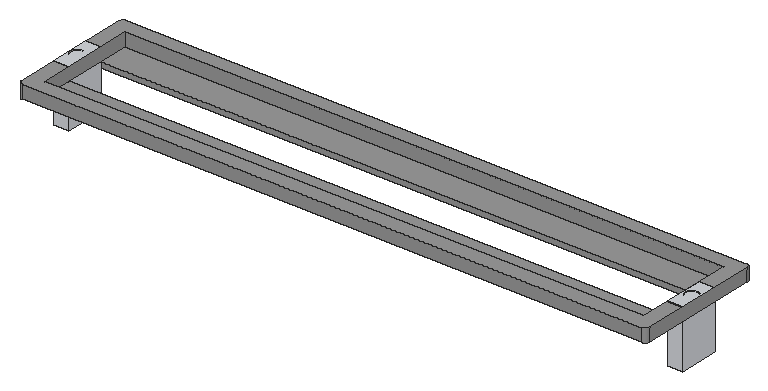
Revit family "Building-SurfaceMountingEnclosures-GEWISS-46-PANELS_DIN", category Attrezzatura elettrica, Revit 2016
Family settings
  Configurazione quadro = Due colonne, circuiti in orizzontale
  Tipo di parte = Pannello comandi
  Quota connettore circolare = Usa diametro
  Numero OmniClass = 23.80.30.11.17
  Titolo OmniClass = Distribution Boards and Control Panels
  Basato su piano di lavoro = Sì
  Sempre verticale = No
  Taglio con vuoti quando caricato = No
  Condiviso = No
  Punto di calcolo locali = Sì
Parameters (values of type "GW46424F - PANEL WITH WINDOW H1 800MM 36M. F&E")
  Version file RFA = "18.0"
  URL = "https://www.gewiss.com/ww/en"
  Technical sheet = "https://www.gewiss.com/ww/en/search?q=GW46424F"
  Suitable for: = "46QP - 46QM - 46QX"
  SEO = "Panel"
  Realized by GEWISS S.p.A. = ""
  Default Elevation = 1219.2 mm
  Produttore = "GEWISS S.p.A."
  Pannello = GEWISS - GRIGIO RAL 7035
  Offset pannello [instance] = 100 mm
  No. of modules EN 50022 = "36"
  Modello = "GW46424F"
  Mains Type = ""
  Lunghezza pannello = 718 mm
  Spessore pannello = 15 mm
  Immagine tipo = GW10015153.jpg
  IFC.TypeObject = ""
  IFC.ExportType = ""
  IFC.ExportAs = ""
  IDT = "7837bfb8-6862-4a92-a47d-c7728688062e"
  IDF = "4aed5af0-604d-48f1-997b-21596ea9c2d3"
  Height = "1 Module"
  H_pannello = 149 mm  # constant formula
  H_da terra [instance] = 125.723 mm
  GEWISS SCHEDA TECNICA = "http://pro.gewiss.com/irj/portal/?NavigationTarget=pcd:portal_content/com.gewiss.ZPPFDMain/com.gewiss.ZPPFDITMain/com.gewiss.ZPPFDITMainDefault/com.gewiss.ZPPFDITPages/com.gewiss.ZPPFDITPagesAP/com.gewiss.ZPPFDITPagesAPCatalogo/com.gewiss.ZPPPDITAPProductDetail&codProd=GW46424F"
  For standard boards (mm) = "800"
  Electrocod = "0303"
  EAN code = "8011564283855"
  Descrizione = "PANEL WITH WINDOW H1 800MM 36M. F&E"
  Colour = "Grey RAL 7035"
  Characteristics = "Halogen free"
  Catalogue Range = "46 QP"
  Catalogue = "BUILDING"
  COBie.Tagnumber = ""
  COBie.CreatedOn = ""
  COBie.CreatebBy = ""
  COBie.ComponentRegisterItemID = ""
  COBie.Component.TagNumber = ""
  COBie.Component.Space = ""
  COBie.Component.SerialNumber = ""
  COBie.Component.InstallationDate = ""
  COBie.Component.Description = ""
  COBie.Component.BarCode = ""
  Assembly = "Fast & Easy quick"
  Accessories supplied = "Fixing accessories"
Types (6, lengths in mm): name | URL | Technical sheet | Produttore | Offset pannello | No. of modules EN 50022 | Modello | Lunghezza pannello | IDT | GEWISS SCHEDA TECNICA | For standard boards (mm) | EAN code | Descrizione
  (no name) | "http://www.gewiss.com/prv/it_IT/index.html" | "" | "GEWISS" | 215.223 | "" | "GW46420F" | 265 | "" | "http://pro.gewiss.com/irj/portal/?NavigationTarget=pcd:portal_content/com.gewiss.ZPPFDMain/com.gewiss.ZPPFDITMain/com.gewiss.ZPPFDITMainDefault/com.gewiss.ZPPFDITPages/com.gewiss.ZPPFDITPagesAP/com.gewiss.ZPPFDITPagesAPCatalogo/com.gewiss.ZPPPDITAPProductDetail&codProd=GW46420F" | "" | "" | "PANNELLO FINESTRATO H1 310MM 12M. F&E"
  GW46420F - PANEL WITH WINDOW H1 310MM 12M. F&E | "https://www.gewiss.com/ww/en" | "https://www.gewiss.com/ww/en/search?q=GW46420F" | "GEWISS S.p.A." | 215.223 | "12" | "GW46420F" | 265 | "62f59683-fb0d-4f00-8bac-ee95c38b8ae3" | "http://pro.gewiss.com/irj/portal/?NavigationTarget=pcd:portal_content/com.gewiss.ZPPFDMain/com.gewiss.ZPPFDITMain/com.gewiss.ZPPFDITMainDefault/com.gewiss.ZPPFDITPages/com.gewiss.ZPPFDITPagesAP/com.gewiss.ZPPFDITPagesAPCatalogo/com.gewiss.ZPPPDITAPProductDetail&codProd=GW46420F" | "310" | "8011564283824" | "PANEL WITH WINDOW H1 310MM 12M. F&E"
  GW46421F - PANEL WITH WINDOW H1 405MM 18M. F&E | "https://www.gewiss.com/ww/en" | "https://www.gewiss.com/ww/en/search?q=GW46421F" | "GEWISS S.p.A." | 215.223 | "18" | "GW46421F" | 358 | "e5af63f2-2576-4d1e-9360-326377598dbc" | "http://pro.gewiss.com/irj/portal/?NavigationTarget=pcd:portal_content/com.gewiss.ZPPFDMain/com.gewiss.ZPPFDITMain/com.gewiss.ZPPFDITMainDefault/com.gewiss.ZPPFDITPages/com.gewiss.ZPPFDITPagesAP/com.gewiss.ZPPFDITPagesAPCatalogo/com.gewiss.ZPPPDITAPProductDetail&codProd=GW46421F" | "405" | "8011564283831" | "PANEL WITH WINDOW H1 405MM 18M. F&E"
  GW46422F - PANEL WITH WINDOW H1 515MM 24M. F&E | "https://www.gewiss.com/ww/en" | "https://www.gewiss.com/ww/en/search?q=GW46422F" | "GEWISS S.p.A." | 215.223 | "24" | "GW46422F" | 466 | "d38b007b-98fe-451b-92bc-a2e8ab38247a" | "http://pro.gewiss.com/irj/portal/?NavigationTarget=pcd:portal_content/com.gewiss.ZPPFDMain/com.gewiss.ZPPFDITMain/com.gewiss.ZPPFDITMainDefault/com.gewiss.ZPPFDITPages/com.gewiss.ZPPFDITPagesAP/com.gewiss.ZPPFDITPagesAPCatalogo/com.gewiss.ZPPPDITAPProductDetail&codProd=GW46422F" | "515" | "8011564289819" | "PANEL WITH WINDOW H1 515MM 24M. F&E"
  GW46423F - PANEL WITH WINDOW H1 585MM 28M. F&E | "https://www.gewiss.com/ww/en" | "https://www.gewiss.com/ww/en/search?q=GW46423F" | "GEWISS S.p.A." | 215.223 | "28" | "GW46423F" | 538 | "9d9039e6-7180-4eb3-9608-736a6dcb5317" | "http://pro.gewiss.com/irj/portal/?NavigationTarget=pcd:portal_content/com.gewiss.ZPPFDMain/com.gewiss.ZPPFDITMain/com.gewiss.ZPPFDITMainDefault/com.gewiss.ZPPFDITPages/com.gewiss.ZPPFDITPagesAP/com.gewiss.ZPPFDITPagesAPCatalogo/com.gewiss.ZPPPDITAPProductDetail&codProd=GW46423F" | "585" | "8011564283848" | "PANEL WITH WINDOW H1 585MM 28M. F&E"
  GW46424F - PANEL WITH WINDOW H1 800MM 36M. F&E | "https://www.gewiss.com/ww/en" | "https://www.gewiss.com/ww/en/search?q=GW46424F" | "GEWISS S.p.A." | 100 | "36" | "GW46424F" | 718 | "7837bfb8-6862-4a92-a47d-c7728688062e" | "http://pro.gewiss.com/irj/portal/?NavigationTarget=pcd:portal_content/com.gewiss.ZPPFDMain/com.gewiss.ZPPFDITMain/com.gewiss.ZPPFDITMainDefault/com.gewiss.ZPPFDITPages/com.gewiss.ZPPFDITPagesAP/com.gewiss.ZPPFDITPagesAPCatalogo/com.gewiss.ZPPPDITAPProductDetail&codProd=GW46424F" | "800" | "8011564283855" | "PANEL WITH WINDOW H1 800MM 36M. F&E"
Values of the unnamed type that differ from the named types
  Version file RFA = ""
  Suitable for: = ""
  SEO = ""
  IDF = ""
  Height = ""
  Electrocod = ""
  Colour = ""
  Characteristics = ""
  Catalogue Range = ""
  Catalogue = ""
  Assembly = ""
  Accessories supplied = ""
Reference planes
  plane 1 "Centro (Fronte/Retro)": z = 207.723
  plane 2: z = 0
  plane 3 "Centro (Sinistra/Destra)": x = 0
  plane 4: x = -359
  plane 5: x = 359
  plane 6: z = 85
  plane 7: z = 100
  plane 8: y = 82
  plane 9: y = -67
  plane 10: x = -341.956
  plane 11: y = -49.815
  plane 12: y = 64.815
  plane 13: x = 341.956
  plane 14: y = 7.5
  plane 15: z = 34
Forms (mm)
  Extrusion 1, solid, material "GEWISS - GRIGIO RAL 7035" <- "Pannello"
    sketch origin (0, 0, 207.723) x (1, 0, 0) y (0, 1, 0)
      loop
        arc (-354, 82) -> (-357.536, 80.536) -> (-359, 77) r 5
        line (-359, 77) -> (-359, -62)
        arc (-359, -62) -> (-357.536, -65.536) -> (-354, -67) r 5
        line (-354, -67) -> (354, -67)
        arc (354, -67) -> (357.536, -65.536) -> (359, -62) r 5
        line (359, -62) -> (359, 77)
        arc (359, 77) -> (357.536, 80.536) -> (354, 82) r 5
        line (354, 82) -> (-354, 82)
      loop
        line (-341.956, 64.815) -> (-341.956, -49.815) -> (341.956, -49.815) -> (341.956, 64.815) -> (-341.956, 64.815)
    from -122.723 to -107.723
  Extrusion 2, solid, material "GEWISS - GRIGIO RAL 7035" <- "Pannello"
    sketch origin (0, 0, 207.723) x (1, 0, 0) y (0, 1, 0)
      loop
        line (-341.956, 64.815) -> (-341.956, 30.5) -> (341.956, 30.5) -> (341.956, 64.815) -> (-341.956, 64.815)
      loop
        line (-341.956, -15.5) -> (-341.956, -49.815) -> (341.956, -49.815) -> (341.956, -15.5) -> (-341.956, -15.5)
    from -122.723 to -128.791
  Extrusion 3, void
    sketch origin (0, 0, 207.723) x (1, 0, 0) y (0, 1, 0)
      loop
        circle (-351.213, 7.5) r 7.115
      loop
        circle (351.213, 7.5) r 7.115
    from -122.723 to -107.723
  Extrusion 4, solid
    sketch origin (0, 0, 0) x (1, 0, 0) y (0, 1, 0)
      loop
        line (-341.956, 30.5) -> (-359, 30.5) -> (-359, -15.5) -> (-341.956, -15.5) -> (-341.956, 30.5)
      loop
        line (341.956, 30.5) -> (341.956, -15.5) -> (359, -15.5) -> (359, 30.5) -> (341.956, 30.5)
    from 34 to 100
Cuts and joins
  Extrusion 3 cuts Extrusion 1
Dimensions and locks
  equal spacing: plane 4, plane 3 "Centro (Sinistra/Destra)", plane 5
  "Lunghezza pannello": plane 4 to plane 5
  locked: plane 10 to plane 4 at 17.044
  locked: plane 5 to plane 13 at 17.044
  locked: plane 10 to Extrusion 3 sketch curve at 9.256
  locked: Extrusion 3 sketch curve to plane 13 at 9.256
  "Offset pannello": plane 2 to plane 7
  locked: plane 6 to plane 7 at 15
  locked: Extrusion 2 to cut or joined group of Extrusion 1, Extrusion 3 at 21.068
  locked: plane 15 to plane 7 at 66
  aligned and locked: level to plane 2
  aligned and locked: plane 4 to Extrusion 1 sketch curve
  aligned and locked: Extrusion 1 sketch curve to plane 5
  aligned and locked: Extrusion 1 sketch curve to plane 8
  aligned and locked: plane 9 to Extrusion 1 sketch curve
  aligned and locked: Extrusion 1 sketch curve to plane 11
  aligned and locked: Extrusion 1 sketch curve to plane 13
  aligned and locked: Extrusion 1 sketch curve to plane 12
  aligned and locked: plane 10 to Extrusion 1 sketch curve
  aligned and locked: Extrusion 1 to plane 6
  aligned and locked: plane 7 to Extrusion 1
  aligned and locked: Extrusion 2 sketch curve to plane 12
  aligned and locked: plane 10 to Extrusion 2 sketch curve  (x2)
  aligned and locked: Extrusion 2 sketch curve to plane 13  (x2)
  aligned and locked: Extrusion 2 sketch curve to plane 11
  aligned and locked: Extrusion 2 to plane 6
  aligned and locked: Extrusion 3 to plane 6
  aligned and locked: plane 7 to Extrusion 3
  aligned and locked: plane 14 to Extrusion 3 sketch curve  (x2)
  aligned and locked: Extrusion 4 sketch curve to Extrusion 2  (x3)
  aligned and locked: plane 10 to Extrusion 4 sketch curve
  aligned and locked: Extrusion 4 sketch curve to plane 4
  aligned and locked: plane 13 to Extrusion 4 sketch curve
  aligned and locked: Extrusion 4 sketch curve to plane 5
  aligned and locked: Extrusion 2 to Extrusion 4 sketch curve
  aligned and locked: Extrusion 4 to plane 7
  aligned and locked: cut or joined group of Extrusion 1, Extrusion 3 to Extrusion 4
  aligned and locked: Extrusion 4 to plane 15
Automatic sketch dimensions
  plane 4 to Extrusion 1 sketch curve = 5 mm
  Extrusion 1 sketch curve to Extrusion 1 sketch curve = 5 mm
  Extrusion 1 sketch curve to plane 5 = 5 mm  (x2)
  Extrusion 2 sketch curve to plane 14 = 23 mm
  plane 14 to Extrusion 2 sketch curve = 23 mm
  radius of Extrusion 3 sketch curve = 7.115 mm  (x2)
